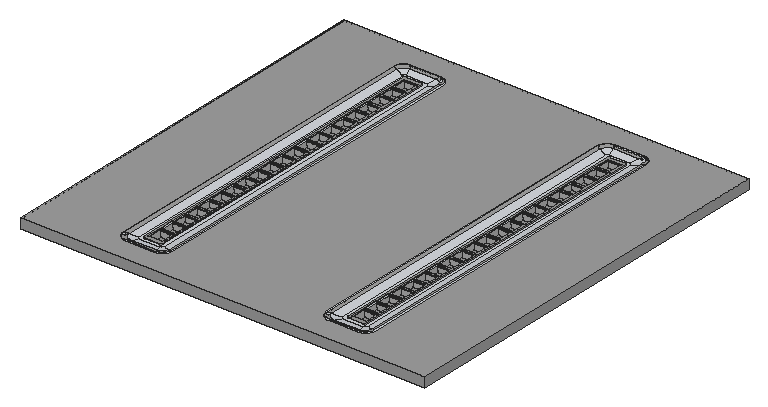
Revit family "0044009 Sylvania Lighting Fixture OptiClip 600 3000K C8 WH DALI WHITE", category Lighting Fixtures, host Face, Revit 2016 (continued)
Automatic sketch dimensions
  Blend 25 sketch curve to plane 64 = 4.7 mm
  Extrusion 26 sketch curve to plane 75 = 0 mm
  Extrusion 26 sketch curve to plane 77 = 0 mm
  Extrusion 26 sketch curve to plane 76 = 0 mm
  Extrusion 26 sketch curve to plane 74 = 0 mm
  Extrusion 27 sketch curve to plane 77 = 0 mm
  Extrusion 27 sketch curve to plane 76 = 0 mm
  plane 33 to Extrusion 27 sketch curve = 4.7 mm
  Extrusion 27 sketch curve to plane 32 = 4.7 mm
  Extrusion 28 sketch curve to plane 77 = 0 mm
  Extrusion 28 sketch curve to plane 76 = 0 mm
  plane 35 to Extrusion 28 sketch curve = 4.655 mm
  Extrusion 28 sketch curve to plane 34 = 4.7 mm
  Extrusion 29 sketch curve to plane 77 = 0 mm
  Extrusion 29 sketch curve to plane 76 = 0 mm
  plane 37 to Extrusion 29 sketch curve = 4.745 mm
  Extrusion 29 sketch curve to plane 36 = 4.7 mm
  Extrusion 30 sketch curve to plane 77 = 0 mm
  Extrusion 30 sketch curve to plane 76 = 0 mm
  plane 39 to Extrusion 30 sketch curve = 4.7 mm
  Extrusion 30 sketch curve to plane 38 = 4.7 mm
  Extrusion 31 sketch curve to plane 77 = 0 mm
  Extrusion 31 sketch curve to plane 76 = 0 mm
  plane 41 to Extrusion 31 sketch curve = 4.7 mm
  Extrusion 31 sketch curve to plane 40 = 4.7 mm
  Extrusion 32 sketch curve to plane 77 = 0 mm
  Extrusion 32 sketch curve to plane 76 = 0 mm
  plane 43 to Extrusion 32 sketch curve = 4.7 mm
  Extrusion 32 sketch curve to plane 42 = 4.7 mm
  Extrusion 33 sketch curve to plane 77 = 0 mm
  Extrusion 33 sketch curve to plane 76 = 0 mm
  plane 45 to Extrusion 33 sketch curve = 4.674 mm
  Extrusion 33 sketch curve to plane 44 = 4.7 mm
  Extrusion 34 sketch curve to plane 77 = 0 mm
  Extrusion 34 sketch curve to plane 76 = 0 mm
  plane 47 to Extrusion 34 sketch curve = 4.726 mm
  Extrusion 34 sketch curve to plane 46 = 4.7 mm
  Extrusion 35 sketch curve to plane 77 = 0 mm
  Extrusion 35 sketch curve to plane 76 = 0 mm
  plane 49 to Extrusion 35 sketch curve = 4.7 mm
  Extrusion 35 sketch curve to plane 48 = 4.7 mm
  Extrusion 36 sketch curve to plane 77 = 0 mm
  Extrusion 36 sketch curve to plane 76 = 0 mm
  plane 51 to Extrusion 36 sketch curve = 4.7 mm
  Extrusion 36 sketch curve to plane 50 = 4.7 mm
  Extrusion 37 sketch curve to plane 77 = 0 mm
  Extrusion 37 sketch curve to plane 76 = 0 mm
  plane 53 to Extrusion 37 sketch curve = 4.7 mm
  Extrusion 37 sketch curve to plane 52 = 4.7 mm
  Extrusion 38 sketch curve to plane 77 = 0 mm
  Extrusion 38 sketch curve to plane 76 = 0 mm
  plane 55 to Extrusion 38 sketch curve = 4.7 mm
  Extrusion 38 sketch curve to plane 54 = 4.7 mm
  Extrusion 39 sketch curve to plane 77 = 0 mm
  Extrusion 39 sketch curve to plane 76 = 0 mm
  plane 57 to Extrusion 39 sketch curve = 4.655 mm
  Extrusion 39 sketch curve to plane 56 = 4.7 mm
  Extrusion 40 sketch curve to plane 77 = 0 mm
  Extrusion 40 sketch curve to plane 76 = 0 mm
  plane 59 to Extrusion 40 sketch curve = 4.745 mm
  Extrusion 40 sketch curve to plane 58 = 4.7 mm
  Extrusion 41 sketch curve to plane 77 = 0 mm
  Extrusion 41 sketch curve to plane 76 = 0 mm
  plane 61 to Extrusion 41 sketch curve = 4.7 mm
  Extrusion 41 sketch curve to plane 60 = 4.7 mm
  Extrusion 42 sketch curve to plane 77 = 0 mm
  Extrusion 42 sketch curve to plane 76 = 0 mm
  plane 63 to Extrusion 42 sketch curve = 4.7 mm
  Extrusion 42 sketch curve to plane 62 = 4.7 mm
  Extrusion 43 sketch curve to plane 77 = 0 mm
  Extrusion 43 sketch curve to plane 76 = 0 mm
  plane 65 to Extrusion 43 sketch curve = 4.7 mm
  Extrusion 43 sketch curve to plane 64 = 4.7 mm
  Extrusion 44 sketch curve to plane 77 = 0 mm
  Extrusion 44 sketch curve to plane 76 = 0 mm
  plane 67 to Extrusion 44 sketch curve = 4.7 mm
  Extrusion 44 sketch curve to plane 66 = 4.7 mm
  Extrusion 45 sketch curve to plane 77 = 0 mm
  Extrusion 45 sketch curve to plane 76 = 0 mm
  plane 69 to Extrusion 45 sketch curve = 4.7 mm
  Extrusion 45 sketch curve to plane 68 = 4.7 mm
  Extrusion 46 sketch curve to plane 77 = 0 mm
  Extrusion 46 sketch curve to plane 76 = 0 mm
  plane 71 to Extrusion 46 sketch curve = 4.7 mm
  Extrusion 46 sketch curve to plane 70 = 4.7 mm
  plane 25 to Blend 47 sketch curve = 2.5 mm  (x2)
  plane 3 "Center (Left/Right)" to Blend 47 sketch curve = 114 mm
  Blend 47 sketch curve to plane 24 = 1 mm
  Blend 47 sketch curve to Blend 47 sketch curve = 15 mm  (x2)
  Blend 47 sketch curve to Blend 47 sketch curve = 42 mm  (x2)
  plane 20 to Blend 47 sketch curve = 0 mm
  plane 80 to Blend 47 sketch curve = 2 mm  (x2)
  plane 3 "Center (Left/Right)" to Blend 47 sketch curve = 130.5 mm
  plane 25 to Blend 47 sketch curve = 1 mm
  Blend 47 sketch curve to plane 81 = 2.155 mm
  Blend 47 sketch curve to Blend 47 sketch curve = 4 mm
  Blend 47 sketch curve to Blend 47 sketch curve = 30.692 mm
  Blend 47 sketch curve to Blend 47 sketch curve = 0.297 mm
  Blend 47 sketch curve to plane 81 = 2.222 mm
  Blend 47 sketch curve to Blend 47 sketch curve = 3.933 mm
  plane 24 to Blend 48 sketch curve = 0 mm
  plane 22 to Blend 48 sketch curve = 0 mm
  Blend 48 sketch curve to plane 20 = 1.5 mm  (x2)
  plane 25 to Blend 48 sketch curve = 2.5 mm  (x2)
  Blend 48 sketch curve to plane 10 = 110 mm
  Blend 48 sketch curve to Blend 48 sketch curve = 42 mm
  plane 26 to Blend 48 sketch curve = 0 mm
  plane 25 to Blend 48 sketch curve = 0 mm
  Blend 48 sketch curve to plane 81 = 2.155 mm  (x2)
  Blend 48 sketch curve to plane 81 = 2.066 mm
  plane 80 to Blend 48 sketch curve = 2 mm  (x2)
  Blend 48 sketch curve to plane 10 = 126.5 mm
  Blend 48 sketch curve to Blend 48 sketch curve = 3.014 mm
  Blend 48 sketch curve to Blend 48 sketch curve = 31.034 mm
  Blend 48 sketch curve to Blend 48 sketch curve = 30.692 mm
  plane 30 to Extrusion 49 sketch curve = 0 mm
  plane 29 to Extrusion 49 sketch curve = 0 mm
  plane 3 "Center (Left/Right)" to Extrusion 49 sketch curve = 140 mm
  Extrusion 49 sketch curve to Extrusion 49 sketch curve = 22 mm
  Blend 50 sketch curve to plane 67 = 0 mm
  Blend 50 sketch curve to plane 66 = 0 mm
  Blend 50 sketch curve to plane 73 = 0 mm
  Blend 50 sketch curve to plane 72 = 0 mm
  Blend 50 sketch curve to plane 77 = 0 mm
  Blend 50 sketch curve to plane 76 = 0 mm
  plane 67 to Blend 50 sketch curve = 4.7 mm
  Blend 50 sketch curve to plane 66 = 4.7 mm
  Blend 51 sketch curve to plane 69 = 0 mm
  Blend 51 sketch curve to plane 68 = 0 mm
  Blend 51 sketch curve to plane 73 = 0 mm
  Blend 51 sketch curve to plane 72 = 0 mm
  Blend 51 sketch curve to plane 77 = 0 mm
  Blend 51 sketch curve to plane 76 = 0 mm
  plane 69 to Blend 51 sketch curve = 4.7 mm
  Blend 51 sketch curve to plane 68 = 4.7 mm
  Blend 52 sketch curve to plane 71 = 0 mm
  Blend 52 sketch curve to plane 70 = 0 mm
  Blend 52 sketch curve to plane 73 = 0 mm
  Blend 52 sketch curve to plane 72 = 0 mm
  Blend 52 sketch curve to plane 77 = 0 mm
  Blend 52 sketch curve to plane 76 = 0 mm
  plane 71 to Blend 52 sketch curve = 4.7 mm
  Blend 52 sketch curve to plane 70 = 4.7 mm
  plane 82 to Extrusion 53 sketch curve = 0 mm  (x2)
  Extrusion 53 sketch curve to plane 80 = 0 mm
  plane 81 to Extrusion 53 sketch curve = 0 mm
  plane 3 "Center (Left/Right)" to Extrusion 53 sketch curve = 137.5 mm
  Extrusion 53 sketch curve to plane 30 = 1.726 mm
  Extrusion 53 sketch curve to Extrusion 53 sketch curve = 2.284 mm
  Extrusion 53 sketch curve to Extrusion 53 sketch curve = 22 mm
  Extrusion 53 sketch curve to plane 30 = 1.536 mm
  Extrusion 53 sketch curve to Extrusion 53 sketch curve = 2.456 mm
  plane 31 to Blend 54 sketch curve = 0 mm
  Blend 54 sketch curve to plane 29 = 1.75 mm
  Blend 54 sketch curve to plane 10 = 133.539 mm
  Blend 54 sketch curve to Blend 54 sketch curve = 20.961 mm
  plane 75 to Blend 54 sketch curve = 0 mm
  plane 74 to Blend 54 sketch curve = 0 mm
  Blend 54 sketch curve to plane 10 = 138.039 mm
  Blend 54 sketch curve to Blend 54 sketch curve = 11.961 mm
  plane 33 to Blend 55 sketch curve = 0 mm
  plane 32 to Blend 55 sketch curve = 0 mm
  Blend 55 sketch curve to plane 10 = 133.539 mm
  Blend 55 sketch curve to Blend 55 sketch curve = 20.961 mm
  plane 33 to Blend 55 sketch curve = 4.7 mm
  Blend 55 sketch curve to plane 32 = 4.7 mm
  Blend 55 sketch curve to plane 10 = 138.039 mm
  Blend 55 sketch curve to Blend 55 sketch curve = 11.961 mm
  plane 34 to Blend 56 sketch curve = 0 mm
  Blend 56 sketch curve to plane 35 = 0.045 mm
  Blend 56 sketch curve to plane 10 = 133.539 mm
  Blend 56 sketch curve to Blend 56 sketch curve = 20.961 mm
  plane 35 to Blend 56 sketch curve = 4.655 mm
  Blend 56 sketch curve to plane 34 = 4.7 mm
  Blend 56 sketch curve to plane 10 = 138.039 mm
  Blend 56 sketch curve to Blend 56 sketch curve = 11.961 mm
  plane 36 to Blend 57 sketch curve = 0 mm
  plane 37 to Blend 57 sketch curve = 0.045 mm
  Blend 57 sketch curve to plane 10 = 133.539 mm
  Blend 57 sketch curve to Blend 57 sketch curve = 20.961 mm
  plane 37 to Blend 57 sketch curve = 4.745 mm
  Blend 57 sketch curve to plane 36 = 4.7 mm
  Blend 57 sketch curve to plane 10 = 138.039 mm
  Blend 57 sketch curve to Blend 57 sketch curve = 11.961 mm
  plane 39 to Blend 58 sketch curve = 0 mm
  plane 38 to Blend 58 sketch curve = 0 mm
  Blend 58 sketch curve to plane 10 = 133.539 mm
  Blend 58 sketch curve to Blend 58 sketch curve = 20.961 mm
  plane 39 to Blend 58 sketch curve = 4.7 mm
  Blend 58 sketch curve to plane 38 = 4.7 mm
  Blend 58 sketch curve to plane 10 = 138.039 mm
  Blend 58 sketch curve to Blend 58 sketch curve = 11.961 mm
  plane 41 to Blend 59 sketch curve = 0 mm
  plane 40 to Blend 59 sketch curve = 0 mm
  Blend 59 sketch curve to plane 10 = 133.539 mm
  Blend 59 sketch curve to Blend 59 sketch curve = 20.961 mm
  plane 41 to Blend 59 sketch curve = 4.7 mm
  Blend 59 sketch curve to plane 40 = 4.7 mm
  Blend 59 sketch curve to plane 10 = 138.039 mm
  Blend 59 sketch curve to Blend 59 sketch curve = 11.961 mm
  plane 43 to Blend 60 sketch curve = 0 mm
  plane 42 to Blend 60 sketch curve = 0 mm
  Blend 60 sketch curve to plane 10 = 133.539 mm
  Blend 60 sketch curve to Blend 60 sketch curve = 20.961 mm
  plane 43 to Blend 60 sketch curve = 4.7 mm
  Blend 60 sketch curve to plane 42 = 4.7 mm
  Blend 60 sketch curve to plane 10 = 138.039 mm
  Blend 60 sketch curve to Blend 60 sketch curve = 11.961 mm
  plane 44 to Blend 61 sketch curve = 0 mm
  Blend 61 sketch curve to plane 45 = 0.026 mm
  Blend 61 sketch curve to plane 10 = 133.539 mm
  Blend 61 sketch curve to Blend 61 sketch curve = 20.961 mm
  plane 45 to Blend 61 sketch curve = 4.674 mm
  Blend 61 sketch curve to plane 44 = 4.7 mm
  Blend 61 sketch curve to plane 10 = 138.039 mm
  Blend 61 sketch curve to Blend 61 sketch curve = 11.961 mm
  plane 46 to Blend 62 sketch curve = 0 mm
  plane 47 to Blend 62 sketch curve = 0.026 mm
  Blend 62 sketch curve to plane 10 = 133.539 mm
  Blend 62 sketch curve to Blend 62 sketch curve = 20.961 mm
  plane 47 to Blend 62 sketch curve = 4.726 mm
  Blend 62 sketch curve to plane 46 = 4.7 mm
  Blend 62 sketch curve to plane 10 = 138.039 mm
  Blend 62 sketch curve to Blend 62 sketch curve = 11.961 mm
  plane 49 to Blend 63 sketch curve = 0 mm
  plane 48 to Blend 63 sketch curve = 0 mm
  Blend 63 sketch curve to plane 10 = 133.539 mm
  Blend 63 sketch curve to Blend 63 sketch curve = 20.961 mm
  plane 49 to Blend 63 sketch curve = 4.7 mm
  Blend 63 sketch curve to plane 48 = 4.7 mm
  Blend 63 sketch curve to plane 10 = 138.039 mm
  Blend 63 sketch curve to Blend 63 sketch curve = 11.961 mm
  plane 51 to Blend 64 sketch curve = 0 mm
  plane 50 to Blend 64 sketch curve = 0 mm
  Blend 64 sketch curve to plane 10 = 133.539 mm
  Blend 64 sketch curve to Blend 64 sketch curve = 20.961 mm
  plane 51 to Blend 64 sketch curve = 4.7 mm
  Blend 64 sketch curve to plane 50 = 4.7 mm
  Blend 64 sketch curve to plane 10 = 138.039 mm
  Blend 64 sketch curve to Blend 64 sketch curve = 11.961 mm
  plane 53 to Blend 65 sketch curve = 0 mm
  plane 52 to Blend 65 sketch curve = 0 mm
  Blend 65 sketch curve to plane 10 = 133.539 mm
  Blend 65 sketch curve to Blend 65 sketch curve = 20.961 mm
  plane 53 to Blend 65 sketch curve = 4.7 mm
  Blend 65 sketch curve to plane 52 = 4.7 mm
  Blend 65 sketch curve to plane 10 = 138.039 mm
  Blend 65 sketch curve to Blend 65 sketch curve = 11.961 mm
  plane 55 to Blend 66 sketch curve = 0 mm
  plane 54 to Blend 66 sketch curve = 0 mm
  Blend 66 sketch curve to plane 10 = 133.539 mm
  Blend 66 sketch curve to Blend 66 sketch curve = 20.961 mm
  plane 55 to Blend 66 sketch curve = 4.7 mm
  Blend 66 sketch curve to plane 54 = 4.7 mm
  Blend 66 sketch curve to plane 10 = 138.039 mm
  Blend 66 sketch curve to Blend 66 sketch curve = 11.961 mm
  plane 56 to Blend 67 sketch curve = 0 mm
  Blend 67 sketch curve to plane 57 = 0.045 mm
  Blend 67 sketch curve to plane 10 = 133.539 mm
  Blend 67 sketch curve to Blend 67 sketch curve = 20.961 mm
  plane 57 to Blend 67 sketch curve = 4.655 mm
  Blend 67 sketch curve to plane 56 = 4.7 mm
  Blend 67 sketch curve to plane 10 = 138.039 mm
  Blend 67 sketch curve to Blend 67 sketch curve = 11.961 mm
  plane 58 to Blend 68 sketch curve = 0 mm
  plane 59 to Blend 68 sketch curve = 0.045 mm
  Blend 68 sketch curve to plane 10 = 133.539 mm
  Blend 68 sketch curve to Blend 68 sketch curve = 20.961 mm
  plane 59 to Blend 68 sketch curve = 4.745 mm
  Blend 68 sketch curve to plane 58 = 4.7 mm
  Blend 68 sketch curve to plane 10 = 138.039 mm
  Blend 68 sketch curve to Blend 68 sketch curve = 11.961 mm
  plane 61 to Blend 69 sketch curve = 0 mm
  plane 60 to Blend 69 sketch curve = 0 mm
  Blend 69 sketch curve to plane 10 = 133.539 mm
  Blend 69 sketch curve to Blend 69 sketch curve = 20.961 mm
  plane 61 to Blend 69 sketch curve = 4.7 mm
  Blend 69 sketch curve to plane 60 = 4.7 mm
  Blend 69 sketch curve to plane 10 = 138.039 mm
  Blend 69 sketch curve to Blend 69 sketch curve = 11.961 mm
  plane 63 to Blend 70 sketch curve = 0 mm
  plane 62 to Blend 70 sketch curve = 0 mm
  Blend 70 sketch curve to plane 10 = 133.539 mm
  Blend 70 sketch curve to Blend 70 sketch curve = 20.961 mm
  plane 63 to Blend 70 sketch curve = 4.7 mm
  Blend 70 sketch curve to plane 62 = 4.7 mm
  Blend 70 sketch curve to plane 10 = 138.039 mm
  Blend 70 sketch curve to Blend 70 sketch curve = 11.961 mm
  plane 65 to Blend 71 sketch curve = 0 mm
  plane 64 to Blend 71 sketch curve = 0 mm
  Blend 71 sketch curve to plane 10 = 133.539 mm
  Blend 71 sketch curve to Blend 71 sketch curve = 20.961 mm
  plane 65 to Blend 71 sketch curve = 4.7 mm
  Blend 71 sketch curve to plane 64 = 4.7 mm
  Blend 71 sketch curve to plane 10 = 138.039 mm
  Blend 71 sketch curve to Blend 71 sketch curve = 11.961 mm
  plane 67 to Blend 72 sketch curve = 0 mm
  plane 66 to Blend 72 sketch curve = 0 mm
  Blend 72 sketch curve to plane 10 = 133.539 mm
  Blend 72 sketch curve to Blend 72 sketch curve = 20.961 mm
  plane 67 to Blend 72 sketch curve = 4.7 mm
  Blend 72 sketch curve to plane 66 = 4.7 mm
  Blend 72 sketch curve to plane 10 = 138.039 mm
  Blend 72 sketch curve to Blend 72 sketch curve = 11.961 mm
  plane 69 to Blend 73 sketch curve = 0 mm
  plane 68 to Blend 73 sketch curve = 0 mm
  Blend 73 sketch curve to plane 10 = 133.539 mm
  Blend 73 sketch curve to Blend 73 sketch curve = 20.961 mm
  plane 69 to Blend 73 sketch curve = 4.7 mm
  Blend 73 sketch curve to plane 68 = 4.7 mm
  Blend 73 sketch curve to plane 10 = 138.039 mm
  Blend 73 sketch curve to Blend 73 sketch curve = 11.961 mm
  plane 71 to Blend 74 sketch curve = 0 mm
  plane 70 to Blend 74 sketch curve = 0 mm
  Blend 74 sketch curve to plane 10 = 133.539 mm
  Blend 74 sketch curve to Blend 74 sketch curve = 20.961 mm
  plane 71 to Blend 74 sketch curve = 4.7 mm
  Blend 74 sketch curve to plane 70 = 4.7 mm
  Blend 74 sketch curve to plane 10 = 138.039 mm
  Blend 74 sketch curve to Blend 74 sketch curve = 11.961 mm
  plane 75 to Extrusion 75 sketch curve = 0 mm
  plane 74 to Extrusion 75 sketch curve = 0 mm
  plane 3 "Center (Left/Right)" to Extrusion 75 sketch curve = 145 mm
  Extrusion 75 sketch curve to Extrusion 75 sketch curve = 11.961 mm
  plane 33 to Extrusion 76 sketch curve = 4.7 mm
  plane 3 "Center (Left/Right)" to Extrusion 76 sketch curve = 145 mm
  Extrusion 76 sketch curve to Extrusion 76 sketch curve = 11.961 mm
  Extrusion 76 sketch curve to plane 32 = 4.7 mm
  plane 35 to Extrusion 77 sketch curve = 4.655 mm
  plane 3 "Center (Left/Right)" to Extrusion 77 sketch curve = 145 mm
  Extrusion 77 sketch curve to Extrusion 77 sketch curve = 11.961 mm
  Extrusion 77 sketch curve to plane 34 = 4.7 mm
  plane 37 to Extrusion 78 sketch curve = 4.745 mm
  plane 3 "Center (Left/Right)" to Extrusion 78 sketch curve = 145 mm
  Extrusion 78 sketch curve to Extrusion 78 sketch curve = 11.961 mm
  Extrusion 78 sketch curve to plane 36 = 4.7 mm
  plane 39 to Extrusion 79 sketch curve = 4.7 mm
  plane 3 "Center (Left/Right)" to Extrusion 79 sketch curve = 145 mm
  Extrusion 79 sketch curve to Extrusion 79 sketch curve = 11.961 mm
  Extrusion 79 sketch curve to plane 38 = 4.7 mm
  plane 41 to Extrusion 80 sketch curve = 4.7 mm
  plane 3 "Center (Left/Right)" to Extrusion 80 sketch curve = 145 mm
  Extrusion 80 sketch curve to Extrusion 80 sketch curve = 11.961 mm
  Extrusion 80 sketch curve to plane 40 = 4.7 mm
  plane 43 to Extrusion 81 sketch curve = 4.7 mm
  plane 3 "Center (Left/Right)" to Extrusion 81 sketch curve = 145 mm
  Extrusion 81 sketch curve to Extrusion 81 sketch curve = 11.961 mm
  Extrusion 81 sketch curve to plane 42 = 4.7 mm
  plane 45 to Extrusion 82 sketch curve = 4.674 mm
  plane 3 "Center (Left/Right)" to Extrusion 82 sketch curve = 145 mm
  Extrusion 82 sketch curve to Extrusion 82 sketch curve = 11.961 mm
  Extrusion 82 sketch curve to plane 44 = 4.7 mm
  plane 47 to Extrusion 83 sketch curve = 4.726 mm
  plane 3 "Center (Left/Right)" to Extrusion 83 sketch curve = 145 mm
  Extrusion 83 sketch curve to Extrusion 83 sketch curve = 11.961 mm
  Extrusion 83 sketch curve to plane 46 = 4.7 mm
  plane 49 to Extrusion 84 sketch curve = 4.7 mm
  plane 3 "Center (Left/Right)" to Extrusion 84 sketch curve = 145 mm
  Extrusion 84 sketch curve to Extrusion 84 sketch curve = 11.961 mm
  Extrusion 84 sketch curve to plane 48 = 4.7 mm
  plane 51 to Extrusion 85 sketch curve = 4.7 mm
  plane 3 "Center (Left/Right)" to Extrusion 85 sketch curve = 145 mm
  Extrusion 85 sketch curve to Extrusion 85 sketch curve = 11.961 mm
  Extrusion 85 sketch curve to plane 50 = 4.7 mm
  plane 53 to Extrusion 86 sketch curve = 4.7 mm
  plane 3 "Center (Left/Right)" to Extrusion 86 sketch curve = 145 mm
  Extrusion 86 sketch curve to Extrusion 86 sketch curve = 11.961 mm
  Extrusion 86 sketch curve to plane 52 = 4.7 mm
  plane 55 to Extrusion 87 sketch curve = 4.7 mm
  plane 3 "Center (Left/Right)" to Extrusion 87 sketch curve = 145 mm
  Extrusion 87 sketch curve to Extrusion 87 sketch curve = 11.961 mm
  Extrusion 87 sketch curve to plane 54 = 4.7 mm
  plane 57 to Extrusion 88 sketch curve = 4.655 mm
  plane 3 "Center (Left/Right)" to Extrusion 88 sketch curve = 145 mm
  Extrusion 88 sketch curve to Extrusion 88 sketch curve = 11.961 mm
  Extrusion 88 sketch curve to plane 56 = 4.7 mm
  plane 59 to Extrusion 89 sketch curve = 4.745 mm
  plane 3 "Center (Left/Right)" to Extrusion 89 sketch curve = 145 mm
  Extrusion 89 sketch curve to Extrusion 89 sketch curve = 11.961 mm
  Extrusion 89 sketch curve to plane 58 = 4.7 mm
  plane 61 to Extrusion 90 sketch curve = 4.7 mm
  plane 3 "Center (Left/Right)" to Extrusion 90 sketch curve = 145 mm
  Extrusion 90 sketch curve to Extrusion 90 sketch curve = 11.961 mm
  Extrusion 90 sketch curve to plane 60 = 4.7 mm
  plane 63 to Extrusion 91 sketch curve = 4.7 mm
  plane 3 "Center (Left/Right)" to Extrusion 91 sketch curve = 145 mm
  Extrusion 91 sketch curve to Extrusion 91 sketch curve = 11.961 mm
  Extrusion 91 sketch curve to plane 62 = 4.7 mm
  plane 65 to Extrusion 92 sketch curve = 4.7 mm
  plane 3 "Center (Left/Right)" to Extrusion 92 sketch curve = 145 mm
  Extrusion 92 sketch curve to Extrusion 92 sketch curve = 11.961 mm
  Extrusion 92 sketch curve to plane 64 = 4.7 mm
  plane 67 to Extrusion 93 sketch curve = 4.7 mm
  plane 3 "Center (Left/Right)" to Extrusion 93 sketch curve = 145 mm
  Extrusion 93 sketch curve to Extrusion 93 sketch curve = 11.961 mm
  Extrusion 93 sketch curve to plane 66 = 4.7 mm
  plane 69 to Extrusion 94 sketch curve = 4.7 mm
  plane 3 "Center (Left/Right)" to Extrusion 94 sketch curve = 145 mm
  Extrusion 94 sketch curve to Extrusion 94 sketch curve = 11.961 mm
  Extrusion 94 sketch curve to plane 68 = 4.7 mm
  plane 71 to Extrusion 95 sketch curve = 4.7 mm
  plane 3 "Center (Left/Right)" to Extrusion 95 sketch curve = 145 mm
  Extrusion 95 sketch curve to Extrusion 95 sketch curve = 11.961 mm
  Extrusion 95 sketch curve to plane 70 = 4.7 mm
  Extrusion 96 sketch curve to plane 7 = 0 mm
  plane 8 to Extrusion 96 sketch curve = 0 mm
  plane 6 to Extrusion 96 sketch curve = 0 mm
  plane 5 to Extrusion 96 sketch curve = 0 mm
Connectors
  electrical at (0, 0, -1.008)
    settings: on cut or joined group of Extrusion 2, Extrusion 3, Blend 5, Blend 48, index 1, voltage 0 V, apparent load 0 VA, apparent load phase1 0 VA, apparent load phase2 0 VA, apparent load phase3 0 VA, power factor 1, load classification "Other", number of poles 1, system type 31, power factor state 1, is connector primary yes, connector utility no, sub classification motor no, connector description ""
